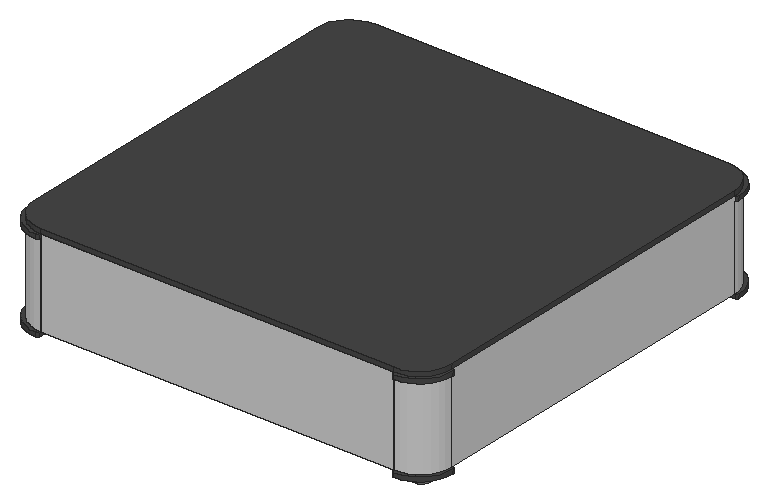
Revit family "QF_ADVENTYS_IE_1000_S-S_250902070354", category Specialty Equipment, Revit 2021
Family settings
  Round Connector Dimension = Use Diameter
  Part Type = Normal
  OmniClass Number = 23.40.40.14
  OmniClass Title = Food Service Equipment
  Work Plane-Based = No
  Always vertical = Yes
  Cut with Voids When Loaded = No
  Shared = No
  Room Calculation Point = No
Parameters (values of type "ADV1851")
  Weight in Pounds [instance] = 0
  Weight = 5.50 kg
  Warranty Start Date [instance] = ""
  Warranty Duration [instance] = ""
  Volts [instance] = 400 V
  URL Recommended Spares List = ""
  URL Manufacturer = ""
  URL Cutsheet = ""
  URL Critical Spares List = ""
  URL = "www.adventys.com"
  Tag Number [instance] = ""
  Status [instance] = ""
  Specification by User [instance] = ""
  Specification by Manufacturer [instance] = ""
  Sound Level [instance] = ""
  Solid Fuel Type [instance] = ""
  Service Life Duration [instance] = ""
  Serial Number [instance] = ""
  Seismic Rating [instance] = ""
  SMACNA No [instance] = ""
  Revision Code [instance] = ""
  Revision [instance] = ""
  Production Year [instance] = ""
  Point Load [instance] = 0
  Phase [instance] = 3
  Other Equipment Approvals [instance] = ""
  Number of Poles [instance] = 3
  NAFEM Spec ID Number [instance] = ""
  Model Warning [instance] = ""
  Model = "IE 1000 S-S"
  Min Ckt Ampacity [instance] = 0 A
  Max Overcurrent Protection [instance] = 10 A
  Masterspec [instance] = ""
  Manufacturer = "ADVENTYS"
  Length Actual = 390 mm
  Item Number [instance] = ""
  Installed By [instance] = ""
  Installation Date [instance] = ""
  Identify Quantity as Lot [instance] = no
  ID [instance] = ""
  Hygiene Approval [instance] = ""
  Hot Water Consumption = 0.0 L/s
  Height Actual = 96 mm
  HP power [instance] = ""
  Furnished By [instance] = ""
  Foodservice Equipment Identifier [instance] = no
  FL Amps [instance] = 1.4 A
  Electrical Remarks [instance] = "Plug not included"
  Electric power [instance] = 0 W
  Electric Connection Type [instance] = "Cord&Plug"
  Elec Conn RI Height [instance] = 0 mm
  Elec Conn Connection Height [instance] = 0 mm
  ETL Approved [instance] = no
  Description = "CUSTOMIZABLE 1 ZONE INDUCTION BUFFET"
  Depth Actual = 390 mm
  Default Elevation = 0 mm
  Cycle [instance] = 50 Hz
  Cost = 0
  Conn Plug [instance] = ""
  Conn Conduit [instance] = no
  CSI MasterFormat [instance] = ""
  CE Approved [instance] = no
  Barcode [instance] = 0
  Author [instance] = ""
  Asset Identifier [instance] = ""
  Apparent Power [instance] = 1000 VA
  Accessory = no
Reference planes
  plane 1 "Center (Front/Back)": y = 0
  plane 2: z = 0
  plane 3 "Center (Left/Right)": x = 0
Forms (mm)
  Extrusion 1, solid, not visible
    sketch origin (119.506, -2, 47.502) x (1, 0, 0) y (0, 1, 0)
      loop
        line (-2, 2) -> (-2, -2) -> (2, -2) -> (2, 2) -> (-2, 2)
    from -2 to 2
Dimensions and locks
  locked: Extrusion 1 to nested 2
  locked: nested 2 to Extrusion 1 at 2
  aligned and locked: level to plane 2
Nested families
  nested 1: "QF_ADVENTYS_ADV1851_2916" at (0, 0, 0), type "ADV1851"
    with Status "", Show Logo yes, Show Clearance yes
  nested 2: "CONN_POINT_ELE_2D___Generic_Annotation" at (119.506, 0, 47.502), type "CONN_POINT_ELE_2D___Generic_Annotation"
    with Onboard connection annotation symbol visibility yes
Connectors
  electrical at (119.506, 0, 47.502), driven by "Apparent Power", driven by "Number of Poles", driven by "Volts"
    settings: on Extrusion 1, index 1, voltage 400 V, apparent load 0 VA, apparent load phase1 1000 VA, apparent load phase2 0 VA, apparent load phase3 0 VA, power factor 1, load classification "Other", number of poles 3, system type 31, power factor state 1, is connector primary yes, connector utility no, sub classification motor no, connector description "Electrical connection for IE 1000 S-S"
Definition of nested family "QF_ADVENTYS_ADV1851_2916"
  Parameters (values of type "ADV1851")
    URL = "www.adventys.com"
    Status [instance] = ""
    Show Logo [instance] = yes
    Show Clearance [instance] = yes
    Model = "IE 1000 S-S"
    Manufacturer = "ADVENTYS"
    Description = "CUSTOMIZABLE 1 ZONE INDUCTION BUFFET"
    Default Elevation = 0 mm
    Author = "SPECIFI"
    Assembly Code = "E1090320"
  Reference planes
    plane 1 "Back": y = 0
    plane 2: z = 0
    plane 3 "Left": x = 0
    plane 4 "Right": x = 390
    plane 5 "Front": y = -390
    plane 6 "Top": z = 96
  Forms (mm)
    Extrusion 1, solid
      sketch origin (-437.879, -390, -60.3) x (1, 0, 0) y (0, 1, 0)
        loop
          line (437.879, 360) -> (437.879, 30) -> (467.879, 30) -> (467.879, 0) -> (797.879, 0) -> (797.879, 30) -> (827.879, 30) -> (827.879, 360) -> (797.879, 360) -> (797.879, 390) -> (577.879, 390) -> (577.879, 380) -> (482.879, 380) -> (482.879, 390) -> (467.879, 390) -> (467.879, 360) -> (437.879, 360)
      from 70.3 to 152.3
    Extrusion 2, solid
      sketch origin (30, -390, -14.006) x (1, 0, 0) y (0, 1, 0)
        loop
          line (0, 30) -> (-30.98, 30)
          arc (-30.98, 30) -> (-32.402, 29.388) -> (-32.935, 27.935) r 1.958
          arc (-32.935, 27.935) -> (-23.852, 6.102) -> (-2, -2.935) r 30.935
          arc (-2, -2.935) -> (-0.586, -2.35) -> (0, -0.935) r 2
          line (0, -0.935) -> (0, 30)
        loop
          line (330, 30) -> (330, -0.935)
          arc (330, -0.935) -> (330.586, -2.35) -> (332, -2.935) r 2
          arc (332, -2.935) -> (353.852, 6.102) -> (362.935, 27.935) r 30.935
          arc (362.935, 27.935) -> (362.402, 29.388) -> (360.98, 30) r 1.958
          line (360.98, 30) -> (330, 30)
        loop
          line (0, 360) -> (0, 390.935)
          arc (0, 390.935) -> (-0.586, 392.35) -> (-2, 392.935) r 2
          arc (-2, 392.935) -> (-23.852, 383.898) -> (-32.935, 362.065) r 30.935
          arc (-32.935, 362.065) -> (-32.402, 360.612) -> (-30.98, 360) r 1.958
          line (-30.98, 360) -> (0, 360)
        loop
          line (330, 360) -> (360.98, 360)
          arc (360.98, 360) -> (362.402, 360.612) -> (362.935, 362.065) r 1.958
          arc (362.935, 362.065) -> (353.852, 383.898) -> (332, 392.935) r 30.935
          arc (332, 392.935) -> (330.586, 392.35) -> (330, 390.935) r 2
          line (330, 390.935) -> (330, 360)
      from 20.006 to 24.006
    Extrusion 3, solid
      sketch origin (-430.601, -391.294, 0.995) x (1, 0, 0) y (0, 1, 0)
        loop
          circle (803.349, 18.158) r 8
        loop
          circle (447.454, 18.158) r 8
        loop
          circle (803.349, 374.212) r 8
        loop
          circle (447.454, 374.212) r 8
      from -0.995 to 5
    Extrusion 4, solid
      sketch origin (30, -390, 71.994) x (1, 0, 0) y (0, 1, 0)
        loop
          line (0, 0) -> (330, 0)
          arc (330, 0) -> (351.213, 8.787) -> (360, 30) r 30
          line (360, 30) -> (360, 360)
          arc (360, 360) -> (351.213, 381.213) -> (330, 390) r 30
          line (330, 390) -> (0, 390)
          arc (0, 390) -> (-21.213, 381.213) -> (-30, 360) r 30
          line (-30, 360) -> (-30, 30)
          arc (-30, 30) -> (-21.213, 8.787) -> (0, 0) r 30
      from 20.006 to 24.006
    Extrusion 5, solid
      sketch origin (30, -390, 67.994) x (1, 0, 0) y (0, 1, 0)
        loop
          arc (330, 390) -> (351.213, 381.213) -> (360, 360) r 30
          line (360, 360) -> (360.98, 360)
          arc (360.98, 360) -> (362.402, 360.612) -> (362.935, 362.065) r 1.958
          arc (362.935, 362.065) -> (353.852, 383.898) -> (332, 392.935) r 30.935
          arc (332, 392.935) -> (330.586, 392.35) -> (330, 390.935) r 2
          line (330, 390.935) -> (330, 390)
        loop
          line (330, 0) -> (330, -0.935)
          arc (330, -0.935) -> (330.586, -2.35) -> (332, -2.935) r 2
          arc (332, -2.935) -> (353.852, 6.102) -> (362.935, 27.935) r 30.935
          arc (362.935, 27.935) -> (362.402, 29.388) -> (360.98, 30) r 1.958
          line (360.98, 30) -> (360, 30)
          arc (360, 30) -> (351.213, 8.787) -> (330, 0) r 30
        loop
          line (0, 390) -> (0, 390.935)
          arc (0, 390.935) -> (-0.586, 392.35) -> (-2, 392.935) r 2
          arc (-2, 392.935) -> (-23.852, 383.898) -> (-32.935, 362.065) r 30.935
          arc (-32.935, 362.065) -> (-32.402, 360.612) -> (-30.98, 360) r 1.958
          line (-30.98, 360) -> (-30, 360)
          arc (-30, 360) -> (-21.213, 381.213) -> (0, 390) r 30
        loop
          arc (0, 0) -> (-21.213, 8.787) -> (-30, 30) r 30
          line (-30, 30) -> (-30.98, 30)
          arc (-30.98, 30) -> (-32.402, 29.388) -> (-32.935, 27.935) r 1.958
          arc (-32.935, 27.935) -> (-23.852, 6.102) -> (-2, -2.935) r 30.935
          arc (-2, -2.935) -> (-0.586, -2.35) -> (0, -0.935) r 2
          line (0, -0.935) -> (0, 0)
      from 20.006 to 24.006
    Extrusion 6, solid
      sketch origin (929.629, 0.2, -60.3) x (1, 0, 0) y (0, 0, 1)
        loop
          line (-603.629, 131.7) -> (-763.629, 131.7)
          arc (-763.629, 131.7) -> (-767.164, 130.236) -> (-768.629, 126.7) r 5
          line (-768.629, 126.7) -> (-768.629, 96.7)
          arc (-768.629, 96.7) -> (-767.164, 93.164) -> (-763.629, 91.7) r 5
          line (-763.629, 91.7) -> (-603.629, 91.7)
          arc (-603.629, 91.7) -> (-600.093, 93.164) -> (-598.629, 96.7) r 5
          line (-598.629, 96.7) -> (-598.629, 126.7)
          arc (-598.629, 126.7) -> (-600.093, 130.236) -> (-603.629, 131.7) r 5
      from -0.2 to 1.8
    Extrusion 7, solid
      sketch origin (1008.007, 0.6, -0.3) x (1, 0, 0) y (0, 0, 1)
        loop
          line (-925.507, 59.78) -> (-958.507, 59.78)
          arc (-958.507, 59.78) -> (-959.214, 59.487) -> (-959.507, 58.78) r 1
          line (-959.507, 58.78) -> (-959.507, 33.78)
          arc (-959.507, 33.78) -> (-959.214, 33.073) -> (-958.507, 32.78) r 1
          line (-958.507, 32.78) -> (-925.507, 32.78)
          arc (-925.507, 32.78) -> (-924.8, 33.073) -> (-924.507, 33.78) r 1
          line (-924.507, 33.78) -> (-924.507, 58.78)
          arc (-924.507, 58.78) -> (-924.8, 59.487) -> (-925.507, 59.78) r 1
        loop
          line (-933.072, 56.28) -> (-950.243, 56.28) -> (-955.657, 50.866) -> (-955.657, 39.28)
          arc (-955.657, 39.28) -> (-954.779, 37.159) -> (-952.657, 36.28) r 3
          line (-952.657, 36.28) -> (-930.657, 36.28)
          arc (-930.657, 36.28) -> (-928.536, 37.159) -> (-927.657, 39.28) r 3
          line (-927.657, 39.28) -> (-927.657, 50.866) -> (-933.072, 56.28)
      from -1.4 to 0.6
    Extrusion 8, solid
      sketch origin (621.129, 0.1, -1.33) x (1, 0, 0) y (0, 0, 1)
        loop
          line (-487.629, 59.78) -> (-515.629, 59.78)
          arc (-515.629, 59.78) -> (-516.336, 59.487) -> (-516.629, 58.78) r 1
          line (-516.629, 58.78) -> (-516.629, 26.78)
          arc (-516.629, 26.78) -> (-516.336, 26.073) -> (-515.629, 25.78) r 1
          line (-515.629, 25.78) -> (-487.629, 25.78)
          arc (-487.629, 25.78) -> (-486.922, 26.073) -> (-486.629, 26.78) r 1
          line (-486.629, 26.78) -> (-486.629, 58.78)
          arc (-486.629, 58.78) -> (-486.922, 59.487) -> (-487.629, 59.78) r 1
        loop
          line (-495.043, 55.85) -> (-508.214, 55.85) -> (-512.629, 51.436) -> (-512.629, 44.35)
          arc (-512.629, 44.35) -> (-511.75, 42.229) -> (-509.629, 41.35) r 3
          line (-509.629, 41.35) -> (-493.629, 41.35)
          arc (-493.629, 41.35) -> (-491.507, 42.229) -> (-490.629, 44.35) r 3
          line (-490.629, 44.35) -> (-490.629, 51.436) -> (-495.043, 55.85)
      from -1.9 to 0.1
    Extrusion 9, solid
      sketch origin (-437.629, 0.6, -0.3) x (-1, 0, 0) y (0, 0, -1)
        loop
          line (-663.129, -58.2) -> (-663.129, -45.2) -> (-704.129, -45.2) -> (-704.129, -58.2) -> (-663.129, -58.2)
      from 0 to 2
    Extrusion 10, solid
      sketch origin (-437.629, -55.341, -0.3) x (-1, 0, 0) y (0, 0, -1)
        loop
          line (-647.129, -55.95) -> (-647.129, -47.45)
          arc (-647.129, -47.45) -> (-647.788, -45.859) -> (-649.379, -45.2) r 2.25
          line (-649.379, -45.2) -> (-657.879, -45.2)
          arc (-657.879, -45.2) -> (-659.47, -45.859) -> (-660.129, -47.45) r 2.25
          line (-660.129, -47.45) -> (-660.129, -55.95)
          arc (-660.129, -55.95) -> (-659.47, -57.541) -> (-657.879, -58.2) r 2.25
          line (-657.879, -58.2) -> (-649.379, -58.2)
          arc (-649.379, -58.2) -> (-647.788, -57.541) -> (-647.129, -55.95) r 2.25
        loop
          line (-653.229, -55.7) -> (-653.229, -52.1) -> (-649.629, -52.1) -> (-649.629, -51.3) -> (-653.229, -51.3) -> (-653.229, -47.7) -> (-654.029, -47.7) -> (-654.029, -51.3) -> (-657.629, -51.3) -> (-657.629, -52.1) -> (-654.029, -52.1) -> (-654.029, -55.7) -> (-653.229, -55.7)
        loop
          line (-707.129, -55.95) -> (-707.129, -47.45)
          arc (-707.129, -47.45) -> (-707.788, -45.859) -> (-709.379, -45.2) r 2.25
          line (-709.379, -45.2) -> (-717.879, -45.2)
          arc (-717.879, -45.2) -> (-719.47, -45.859) -> (-720.129, -47.45) r 2.25
          line (-720.129, -47.45) -> (-720.129, -55.95)
          arc (-720.129, -55.95) -> (-719.47, -57.541) -> (-717.879, -58.2) r 2.25
          line (-717.879, -58.2) -> (-709.379, -58.2)
          arc (-709.379, -58.2) -> (-707.788, -57.541) -> (-707.129, -55.95) r 2.25
        loop
          line (-709.629, -52.1) -> (-709.629, -51.3) -> (-717.629, -51.3) -> (-717.629, -52.1) -> (-709.629, -52.1)
        loop
          circle (-733.525, -51.7) r 6.5
        loop
          line (-733.229, -55.7) -> (-733.229, -47.7) -> (-734.029, -47.7) -> (-734.029, -55.7) -> (-733.229, -55.7)
      from -55.941 to -53.941
    Extrusion 11, solid
      sketch origin (390, 0, -0.3) x (1, 0, 0) y (0, 0, 1)
        loop
          line (-315.064, 56.28) -> (-332.236, 56.28) -> (-337.65, 50.866) -> (-337.65, 39.28)
          arc (-337.65, 39.28) -> (-336.771, 37.159) -> (-334.65, 36.28) r 3
          line (-334.65, 36.28) -> (-312.65, 36.28)
          arc (-312.65, 36.28) -> (-310.529, 37.159) -> (-309.65, 39.28) r 3
          line (-309.65, 39.28) -> (-309.65, 50.866) -> (-315.064, 56.28)
        loop
          arc (-314.288, 56.918) -> (-314.636, 57.185) -> (-315.064, 57.28) r 1.013
          line (-315.064, 57.28) -> (-332.236, 57.28)
          arc (-332.236, 57.28) -> (-332.664, 57.185) -> (-333.012, 56.918) r 1.013
          line (-333.012, 56.918) -> (-338.357, 51.573)
          arc (-338.357, 51.573) -> (-338.593, 51.203) -> (-338.65, 50.768) r 1.013
          line (-338.65, 50.768) -> (-338.65, 39.28)
          arc (-338.65, 39.28) -> (-337.478, 36.452) -> (-334.65, 35.28) r 4
          line (-334.65, 35.28) -> (-312.65, 35.28)
          arc (-312.65, 35.28) -> (-309.822, 36.452) -> (-308.65, 39.28) r 4
          line (-308.65, 39.28) -> (-308.65, 50.866)
          arc (-308.65, 50.866) -> (-308.754, 51.316) -> (-309.044, 51.674) r 1.026
          line (-309.044, 51.674) -> (-314.288, 56.918)
      from 0 to 10
    Extrusion 12, solid
      sketch origin (1007.504, -0.4, -7.495) x (1, 0, 0) y (0, 0, 1)
        loop
          line (-932.568, 63.475) -> (-949.74, 63.475) -> (-955.154, 58.061) -> (-955.154, 46.475)
          arc (-955.154, 46.475) -> (-954.276, 44.354) -> (-952.154, 43.475) r 3
          line (-952.154, 43.475) -> (-930.154, 43.475)
          arc (-930.154, 43.475) -> (-928.033, 44.354) -> (-927.154, 46.475) r 3
          line (-927.154, 46.475) -> (-927.154, 58.061) -> (-932.568, 63.475)
      from 9.19 to 10.6
    Extrusion 13, solid
      sketch origin (440, 0, -0.3) x (1, 0, 0) y (0, 0, 1)
        loop
          line (-309.5, 43.32) -> (-309.5, 50.406) -> (-313.914, 54.82) -> (-327.086, 54.82) -> (-331.5, 50.406) -> (-331.5, 43.32)
          arc (-331.5, 43.32) -> (-330.621, 41.199) -> (-328.5, 40.32) r 3
          line (-328.5, 40.32) -> (-312.5, 40.32)
          arc (-312.5, 40.32) -> (-310.379, 41.199) -> (-309.5, 43.32) r 3
        loop
          line (-327.5, 55.82) -> (-332.5, 50.82) -> (-332.5, 42.32)
          arc (-332.5, 42.32) -> (-331.621, 40.199) -> (-329.5, 39.32) r 3
          line (-329.5, 39.32) -> (-311.5, 39.32)
          arc (-311.5, 39.32) -> (-309.379, 40.199) -> (-308.5, 42.32) r 3
          line (-308.5, 42.32) -> (-308.5, 50.82) -> (-313.5, 55.82) -> (-327.5, 55.82)
      from 0 to 10
    Extrusion 14, solid
      sketch origin (1057.654, -0.4, -7.955) x (1, 0, 0) y (0, 0, 1)
        loop
          line (-931.568, 62.475) -> (-944.74, 62.475) -> (-949.154, 58.061) -> (-949.154, 50.975)
          arc (-949.154, 50.975) -> (-948.276, 48.854) -> (-946.154, 47.975) r 3
          line (-946.154, 47.975) -> (-930.154, 47.975)
          arc (-930.154, 47.975) -> (-928.033, 48.854) -> (-927.154, 50.975) r 3
          line (-927.154, 50.975) -> (-927.154, 58.061) -> (-931.568, 62.475)
      from 9.19 to 10.6
    Extrusion 15, solid
      sketch origin (386.871, 0, -0.3) x (1, 0, 0) y (0, 0, 1)
        loop
          line (-310.164, 49.073) -> (-314.565, 53.473)
          arc (-314.565, 53.473) -> (-314.936, 53.701) -> (-315.363, 53.78) r 1.194
          line (-315.363, 53.78) -> (-326.359, 53.78)
          arc (-326.359, 53.78) -> (-326.794, 53.723) -> (-327.164, 53.487) r 1.013
          line (-327.164, 53.487) -> (-331.539, 49.112)
          arc (-331.539, 49.112) -> (-331.784, 48.774) -> (-331.871, 48.366) r 1.005
          line (-331.871, 48.366) -> (-331.871, 41.28)
          arc (-331.871, 41.28) -> (-331.139, 39.512) -> (-329.371, 38.78) r 2.5
          line (-329.371, 38.78) -> (-312.371, 38.78)
          arc (-312.371, 38.78) -> (-310.604, 39.512) -> (-309.871, 41.28) r 2.5
          line (-309.871, 41.28) -> (-309.871, 48.348)
          arc (-309.871, 48.348) -> (-309.935, 48.744) -> (-310.164, 49.073) r 0.897
        loop
          line (-319.371, 45.78) -> (-319.371, 50.78) -> (-322.371, 50.78) -> (-322.371, 45.78) -> (-319.371, 45.78)
        loop
          line (-312.371, 41.48) -> (-312.371, 46.48) -> (-315.371, 46.48) -> (-315.371, 41.48) -> (-312.371, 41.48)
        loop
          line (-326.371, 41.48) -> (-326.371, 46.48) -> (-329.371, 46.48) -> (-329.371, 41.48) -> (-326.371, 41.48)
      from -2 to 10
    Extrusion 16, solid
      sketch origin (440, 0, -0.3) x (1, 0, 0) y (0, 0, 1)
        loop
          line (-319.5, 50.82) -> (-321.5, 50.82) -> (-321.5, 47.82) -> (-319.5, 47.82) -> (-319.5, 50.82)
        loop
          line (-312.5, 46.32) -> (-314.5, 46.32) -> (-314.5, 43.32) -> (-312.5, 43.32) -> (-312.5, 46.32)
        loop
          line (-326.5, 46.32) -> (-328.5, 46.32) -> (-328.5, 43.32) -> (-326.5, 43.32) -> (-326.5, 46.32)
      from 0.6 to 10
    Blend 17, solid
      base sketch origin (390, 0, -0.3) x (1, 0, 0) y (0, 0, 1)
        loop
          line (-269.5, 50.82) -> (-271.5, 50.82) -> (-271.5, 47.82) -> (-269.5, 47.82) -> (-269.5, 50.82)
      top sketch origin (390, 0, -0.3) x (1, 0, 0) y (0, 0, 1)
        loop
          line (-270, 48.32) -> (-270, 50.32) -> (-271, 50.32) -> (-271, 48.32) -> (-270, 48.32)
      from 0.6 to -1.4
    Blend 18, solid
      base sketch origin (397, 0, -4.8) x (1, 0, 0) y (0, 0, 1)
        loop
          line (-269.5, 50.82) -> (-271.5, 50.82) -> (-271.5, 47.82) -> (-269.5, 47.82) -> (-269.5, 50.82)
      top sketch origin (397, 0, -4.8) x (1, 0, 0) y (0, 0, 1)
        loop
          line (-270, 48.32) -> (-270, 50.32) -> (-271, 50.32) -> (-271, 48.32) -> (-270, 48.32)
      from 0.6 to -1.4
    Blend 19, solid
      base sketch origin (383, 0, -4.8) x (1, 0, 0) y (0, 0, 1)
        loop
          line (-269.5, 50.82) -> (-271.5, 50.82) -> (-271.5, 47.82) -> (-269.5, 47.82) -> (-269.5, 50.82)
      top sketch origin (383, 0, -4.8) x (1, 0, 0) y (0, 0, 1)
        loop
          line (-270, 48.32) -> (-270, 50.32) -> (-271, 50.32) -> (-271, 48.32) -> (-270, 48.32)
      from 0.6 to -1.4
    Extrusion 20, solid
      sketch origin (392.221, 0, -0.3) x (1, 0, 0) y (0, 0, 1)
        loop
          line (-252.221, 92.3) -> (-347.221, 92.3) -> (-347.221, 10.3) -> (-252.221, 10.3) -> (-252.221, 92.3)
        loop
          arc (-263.721, 39.32) -> (-261.6, 40.199) -> (-260.721, 42.32) r 3
          line (-260.721, 42.32) -> (-260.721, 50.82) -> (-265.721, 55.82) -> (-279.721, 55.82) -> (-284.721, 50.82) -> (-284.721, 42.32)
          arc (-284.721, 42.32) -> (-283.843, 40.199) -> (-281.721, 39.32) r 3
          line (-281.721, 39.32) -> (-263.721, 39.32)
        loop
          line (-317.286, 57.28) -> (-334.457, 57.28)
          arc (-334.457, 57.28) -> (-334.885, 57.185) -> (-335.233, 56.918) r 1.013
          line (-335.233, 56.918) -> (-340.578, 51.573)
          arc (-340.578, 51.573) -> (-340.814, 51.203) -> (-340.871, 50.768) r 1.013
          line (-340.871, 50.768) -> (-340.871, 39.28)
          arc (-340.871, 39.28) -> (-339.7, 36.452) -> (-336.871, 35.28) r 4
          line (-336.871, 35.28) -> (-314.871, 35.28)
          arc (-314.871, 35.28) -> (-312.043, 36.452) -> (-310.871, 39.28) r 4
          line (-310.871, 39.28) -> (-310.871, 50.866)
          arc (-310.871, 50.866) -> (-310.975, 51.316) -> (-311.266, 51.674) r 1.026
          line (-311.266, 51.674) -> (-316.509, 56.918)
          arc (-316.509, 56.918) -> (-316.857, 57.185) -> (-317.286, 57.28) r 1.013
      from 0 to 10
    Extrusion 21, solid
      sketch origin (0, -390, 0) x (1, 0, 0) y (0, 1, 0)
        loop
          line (30, 0) -> (30, 30) -> (0, 30)
          arc (0, 30) -> (8.787, 8.787) -> (30, 0) r 30
        loop
          arc (360, 0) -> (381.213, 8.787) -> (390, 30) r 30
          line (390, 30) -> (360, 30) -> (360, 0)
        loop
          arc (30, 390) -> (8.787, 381.213) -> (0, 360) r 30
          line (0, 360) -> (30, 360) -> (30, 390)
        loop
          line (360, 390) -> (360, 360) -> (390, 360)
          arc (390, 360) -> (381.213, 381.213) -> (360, 390) r 30
      from 10 to 88
  Cuts and joins
    joined: Extrusion 1, Extrusion 20
  Lines and regions (mm)
    symbolic lines
      curve 1: line (0, -360, 0) -> (0, -30, 0)
      curve 2: line (30, 0, 0) -> (360, 0, 0)
      curve 3: line (390, -30, 0) -> (390, -360, 0)
      curve 4: line (360, -390, 0) -> (30, -390, 0)
      curve 5: arc (0, -360, 0) -> (8.787, -381.213, 0) -> (30, -390, 0) r 30
      curve 6: arc (360, -390, 0) -> (381.213, -381.213, 0) -> (390, -360, 0) r 30
      curve 7: arc (0, -30, 0) -> (8.787, -8.787, 0) -> (30, 0, 0) r 30
      curve 8: arc (360, 0, 0) -> (381.213, -8.787, 0) -> (390, -30, 0) r 30
      curve 9: line (0, -360, 0) -> (-0.98, -360, 0)
      curve 10: arc (-0.98, -360, 0) -> (-2.365, -360.574, 0) -> (-2.938, -361.958, 0) r 1.958
      curve 11: arc (-2.938, -361.958, 0) -> (6.135, -383.862, 0) -> (28.039, -392.935, 0) r 30.977
      curve 12: arc (28.039, -392.935, 0) -> (29.426, -392.361, 0) -> (30, -390.974, 0) r 1.961
      curve 13: line (30, -390.974, 0) -> (30, -390, 0)
      curve 14: line (390, -360, 0) -> (390.98, -360, 0)
      curve 15: arc (390.98, -360, 0) -> (392.365, -360.574, 0) -> (392.938, -361.958, 0) r 1.958
      curve 16: arc (392.938, -361.958, 0) -> (383.865, -383.862, 0) -> (361.961, -392.935, 0) r 30.977
      curve 17: arc (361.961, -392.935, 0) -> (360.574, -392.361, 0) -> (360, -390.974, 0) r 1.961
      curve 18: line (360, -390.974, 0) -> (360, -390, 0)
      curve 19: line (0, -30, 0) -> (-0.98, -30, 0)
      curve 20: arc (-0.98, -30, 0) -> (-2.365, -29.426, 0) -> (-2.938, -28.042, 0) r 1.958
      curve 21: arc (-2.938, -28.042, 0) -> (6.135, -6.138, 0) -> (28.039, 2.935, 0) r 30.977
      curve 22: arc (28.039, 2.935, 0) -> (29.426, 2.361, 0) -> (30, 0.974, 0) r 1.961
      curve 23: line (30, 0.974, 0) -> (30, 0, 0)
      curve 24: line (390, -30, 0) -> (390.98, -30, 0)
      curve 25: arc (390.98, -30, 0) -> (392.365, -29.426, 0) -> (392.938, -28.042, 0) r 1.958
      curve 26: arc (392.938, -28.042, 0) -> (383.865, -6.138, 0) -> (361.961, 2.935, 0) r 30.977
      curve 27: arc (361.961, 2.935, 0) -> (360.574, 2.361, 0) -> (360, 0.974, 0) r 1.961
      curve 28: line (360, 0.974, 0) -> (360, 0, 0)
  Dimensions and locks
    plane 6 "Top" to level = 96 mm
    plane 3 "Left" to plane 4 "Right" = 390 mm
    plane 5 "Front" to plane 1 "Back" = 390 mm
    aligned and locked: level to plane 2
Definition of nested family "CONN_POINT_ELE_2D___Generic_Annotation"
  Parameters (values of type "CONN_POINT_ELE_2D___Generic_Annotation")
    Onboard connection annotation symbol visibility [instance] = yes
  Reference planes
    plane 1: y = 0
    plane 2: x = 0
  Lines and regions (mm)
    detail lines, visible <- "Onboard connection annotation symbol visibility"
      curve 1: circle (0, 0, 0) r 0.5 normal (0, 0, 1)
      curve 2: line (-1, 0, 0) -> (1, 0, 0)
      curve 3: line (0, 1, 0) -> (0, -1, 0)
      curve 4: line (2.5, 1, 0) -> (1.25, 1, 0)
      curve 5: line (1.25, 1, 0) -> (1.25, -1, 0)
      curve 6: line (1.25, -1, 0) -> (2.5, -1, 0)
      curve 7: line (1.25, 0, 0) -> (2, 0, 0)
